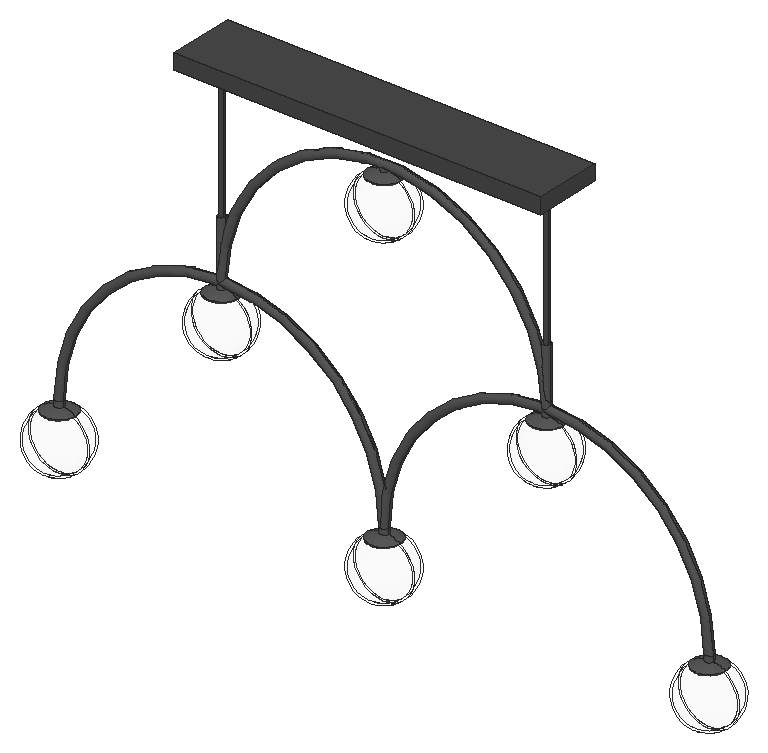
Revit family "CONV_Pholc_GnrlPrpseLmnrs_Bounce116", category Lighting Fixtures, host Ceiling, Revit 2017
Family settings
  Host = Ceiling
  Round Connector Dimension = Use Diameter
  Part Type = Normal
  OmniClass Number = 23.80.70.11
  OmniClass Title = Luminaries for Internal Lighting
  Always vertical = Yes
  Cut with Voids When Loaded = No
  Light Source = No
  Shared = No
  Room Calculation Point = No
Parameters (values of type "Bounce 116 black/opal glass")
  Weight = "3.1 kg"
  Wattage Comments = ""
  WarrantyStartDate = "n/a"
  WarrantyGuarantorParts = "n/a"
  WarrantyGuarantorLabor = "n/a"
  WarrantyDurationUnit = "Year"
  WarrantyDurationParts = "n/a"
  WarrantyDurationLabor = "n/a"
  WarrantyDescription = "n/a"
  VersionDate = "14/05/2019"  # constant formula
  Version = "1"  # constant formula
  UsageCurrent = 0 A
  Uniclass2015Reference = "Pr_70_70_48_86"
  Uniclass2015Description = "Suspended luminaires"
  Uniclass2 = "Pr_70_70_49_86"
  URL = "https://www.pholc.se/our-products/bounce-116/"
  TotalWattage = 120 W
  TagNumber [instance] = "n/a"
  SustainabilityPerformance = "n/a"
  Size = "1160x110x650 mm"
  Shape = "Sculptured"
  SerialNumber [instance] = "n/a"
  Revision = "n/a"
  ReplacementCost = "n/a"
  ProductInformation = "The pattern that Bounce creates is energetic, graphic and bouncy. A positive graphic feeling."
  ProductDatasheet = "https://www.pholc.se/files/pdf/bounce-116.pdf"
  PhaseReference = "n/a"
  PhaseAngle = 0.00°
  NumberOfSources = 6
  NumberOfPoles = 1
  NominalVoltageCalc = 0 V
  NominalVoltage = 220 V
  NominalLength = 1160 mm
  NominalHeight [instance] = CableControl + 670 mm  # 720 mm
  NominalFrequencyRange = 50 Hz
  NominalDepth = 110 mm
  NominalCurrent = 0 A
  Name = "GnrlPrpseLmnrs_Bounce116"
  NBSReference = "90-60-50/405"
  NBSDescription = "General purpose luminaires"
  ModelReference = ArticleNumber  # "514165"
  ModelNumber = "n/a"
  Model = "Bounce 116 black/opal glass"
  Material = "Metal, opal glass & textile"
  ManufacturersSpecificInformation = "n/a"
  ManufacturerURL = "https://www.pholc.se/"
  ManufacturerName = "Pholc"
  Manufacturer = "Pholc"
  MaintenanceFactor = 0
  LightFixtureSecondaryMaterial = Black
  LightFixturePlacingType = "Ceiling"
  LightFixtureMountingType = "Suspended"
  LightFixtureMainMaterial = Black metal
  LensMaterial = Opal glass
  Lamp = ""
  InsulationStandardClass = "Class I"
  InstallationDate = "n/a"
  IfcExportType = "NOTDEFINED"  # constant formula
  IfcExportAs = "IfcLightFixtureType"  # constant formula
  IP_Code = "IP 20"
  HasProtectiveEarth = no
  Grade = "n/a"
  Finish = "n/a"
  Features = "G9 base socket. Suspension mounting. Black textile cable. Black metal ceiling cup."
  ExpectedLife = "n/a"
  ElectricalDeviceNominalPower = 20 W
  DurationUnit = "Year"
  Designer = "Monika Mulder"
  Description = "The pattern that Bounce creates is energetic, graphic and bouncy. A positive graphic feeling. I wanted to create a lamp that gives the room character and at the same time gives light. With that in mind, I created a graphic expression with a focus on the path the electricity is drawn from light spot to light spot. The result is a flat, screen-like luminaire that fits well over oblong tables or counters."
  DefaultElevation = 0 mm
  ConvergoRefNr = "0103-1905-0004-SE"
  Constituents = "n/a"
  Color = "Various"
  Collection = "Bounce"
  built-in parameter 1114216 [instance] = (empty or 0)
  CodePerformance = "n/a"
  Category = "Pendant"
  CableLength [instance] = 10 mm
  CableControl [instance] = if(CableLength < 50 mm, 50 mm, if(CableLength > 3000 mm, 3000 mm, CableLength))  # 50 mm
  Brand = "Pholc"
  Barcode [instance] = "n/a"
  BIMObjectName = "CONV_Pholc_GnrlPrpseLmnrs_Bounce116"
  Author = "Convergo AB"  # constant formula
  AssetType = "Fixed"
  AssetIdentifier [instance] = "n/a"
  ArticleNumber = "514165"
  Apparent Load = 0 VA
  AccessibilityPerformance = "n/a"
Reference planes
  plane 1 "Center (Front/Back)": y = 0
  plane 2: z = 0
  plane 3 "Center (Left/Right)": x = 0
  plane 4 "Ceiling": z = 4000
  plane 5: z = 3950
  plane 6: z = 3280
  plane 7: y = 55
  plane 8: y = -55
  plane 9: x = -580
  plane 10: x = 580
Forms (mm)
  Extrusion 1, solid, material "Black metal" <- "LightFixtureMainMaterial", detail levels coarse
    sketch origin (0, 0, 4000) x (0, 1, 0) y (-1, 0, 0)
      loop
        line (55, 580) -> (-55, 580) -> (-55, -580) -> (55, -580) -> (55, 580)
    from 0 to -720
Dimensions and locks
  equal spacing: host sketch curve, plane 3 "Center (Left/Right)", host sketch curve
  equal spacing: host sketch curve, plane 1 "Center (Front/Back)", host sketch curve
  host sketch curve to host sketch curve = 4000 mm  (x2)
  plane 4 "Ceiling" to host ceiling = 0 mm
  "CableControl": plane 5 to plane 4 "Ceiling"
  "NominalHeight": plane 6 to plane 4 "Ceiling"
  equal spacing: plane 7, plane 1 "Center (Front/Back)", plane 8
  "NominalDepth": plane 7 to plane 8
  equal spacing: plane 9, plane 3 "Center (Left/Right)", plane 10
  "NominalLength": plane 9 to plane 10
  aligned and locked: nested 1 to nested 2  (x2)
  aligned and locked: nested 1 to nested 3  (x2)
  aligned and locked: nested 1 to nested 4
  aligned and locked: nested 4 to nested 1
  aligned and locked: nested 1 to nested 5  (x2)
  aligned and locked: nested 1 to nested 6
  aligned and locked: nested 6 to nested 1
  aligned and locked: nested 1 to nested 7  (x2)
  aligned and locked: nested 4 to plane 1 "Center (Front/Back)"
  aligned and locked: nested 3 to plane 1 "Center (Front/Back)"
  aligned and locked: nested 2 to plane 1 "Center (Front/Back)"
  aligned and locked: nested 6 to plane 1 "Center (Front/Back)"
  aligned and locked: nested 5 to plane 1 "Center (Front/Back)"
  aligned and locked: nested 7 to plane 1 "Center (Front/Back)"
  aligned and locked: nested 1 to plane 5
  aligned and locked: nested 8 to plane 4 "Ceiling"
  aligned and locked: Extrusion 1 sketch curve to nested 1  (x2)
  aligned and locked: plane 9 to Extrusion 1 sketch curve
  aligned and locked: plane 10 to Extrusion 1 sketch curve
  aligned and locked: plane 6 to Extrusion 1
Nested families
  nested 1: "Bounce116" at (0, 0, 3280), Cable <- "LightFixtureSecondaryMaterial", Metal <- "LightFixtureMainMaterial", Glass <- "LensMaterial", type "Bounce116"
    with Metal Black metal, Glass Opal glass, Cable Black
  nested 2: "Bounce_bulb" at (530, 0, 3280), MaterialBulb <- "LensMaterial", MaterialFrame <- "LightFixtureMainMaterial", type "Bounce_bulb", detail levels medium+fine
    with MaterialFrame Black metal, MaterialBulb Opal glass
  nested 3: "Bounce_bulb" at (0, 0, 3280), MaterialBulb <- "LensMaterial", MaterialFrame <- "LightFixtureMainMaterial", type "Bounce_bulb", detail levels medium+fine
    with MaterialFrame Black metal, MaterialBulb Opal glass
  nested 4: "Bounce_bulb" at (-530, 0, 3280), MaterialBulb <- "LensMaterial", MaterialFrame <- "LightFixtureMainMaterial", type "Bounce_bulb", detail levels medium+fine
    with MaterialFrame Black metal, MaterialBulb Opal glass
  nested 5: "Bounce_bulb" at (265, 0, 3545), MaterialBulb <- "LensMaterial", MaterialFrame <- "LightFixtureMainMaterial", type "Bounce_bulb", detail levels medium+fine
    with MaterialFrame Black metal, MaterialBulb Opal glass
  nested 6: "Bounce_bulb" at (-265, 0, 3545), MaterialBulb <- "LensMaterial", MaterialFrame <- "LightFixtureMainMaterial", type "Bounce_bulb", detail levels medium+fine
    with MaterialFrame Black metal, MaterialBulb Opal glass
  nested 7: "Bounce_bulb" at (0, 0, 3810), MaterialBulb <- "LensMaterial", MaterialFrame <- "LightFixtureMainMaterial", type "Bounce_bulb", detail levels medium+fine
    with MaterialFrame Black metal, MaterialBulb Opal glass
  nested 8: "Bounce_ceiling" at (0, 0, 3950), CableLength <- "CableControl", Metal <- "LightFixtureSecondaryMaterial", type "Bounce_ceiling"
    with Metal Black, CableLength 50 mm
Connectors
  electrical at (0, 0, 4000), driven by "NominalVoltage"
    settings: on nested 8, index 1, voltage 220 V, apparent load 0 VA, apparent load phase1 0 VA, apparent load phase2 0 VA, apparent load phase3 0 VA, power factor 1, load classification "Other", number of poles 1, system type 31, power factor state 1, is connector primary yes, connector utility no, sub classification motor no, connector description ""
Definition of nested family "Bounce116"
  Parameters (values of type "Bounce116")
    Metal [instance] = none
    Glass [instance] = none
    Cable [instance] = none
  Reference planes
    plane 1 "Center (Front/Back)": y = 0
    plane 2: z = 0
    plane 3 "Center (Left/Right)": x = 0
    plane 4: z = 2569.231
    plane 5: y = 55
    plane 6: y = -55
    plane 7: z = 670
    plane 8: x = -530
    plane 9: z = 92.689
    plane 10: x = -265
    plane 11: z = 357.689
    plane 12: x = 0
    plane 13: z = 622.689
    plane 14: x = 530
    plane 15: x = 265
    plane 16: x = 0
  Forms (mm)
    Sweep 1, solid, material <- "Metal", detail levels medium+fine
      path origin (0, 0, 0) x (1, 0, 0) y (0, 0, 1)
        loop
          line (-530, 100.3) -> (-530, 110)
          arc (-530, 110) -> (-265, 375) -> (0, 110) r 265
          line (0, 110) -> (0, 100.3)
      profile origin (-530, 0, 105.15) x (-1, 0, 0) y (0, -1, 0)
        loop
          circle (0, 0) r 6.547
    Sweep 2, solid, material <- "Metal", detail levels medium+fine
      path origin (-265, 0, 265) x (-1, 0, 0) y (0, 0, 1)
        loop
          line (-530, 100.3) -> (-530, 110)
          arc (-530, 110) -> (-265, 375) -> (0, 110) r 265
          line (0, 110) -> (0, 100.3)
      profile origin (265, 0, 370.15) x (-1, 0, 0) y (0, -1, 0)
        loop
          circle (0, 0) r 6.547
    Sweep 3, solid, material <- "Metal", detail levels medium+fine
      path origin (0, 0, 0) x (-1, 0, 0) y (0, 0, 1)
        loop
          line (-530, 100.3) -> (-530, 110)
          arc (-530, 110) -> (-265, 375) -> (0, 110) r 265
          line (0, 110) -> (0, 100.3)
      profile origin (530, 0, 105.15) x (-1, 0, 0) y (0, -1, 0)
        loop
          circle (0, 0) r 6.547
    Extrusion 4, solid, material <- "Metal", detail levels medium+fine
      sketch origin (0, 0, 0) x (1, 0, 0) y (0, 1, 0)
        loop
          circle (-265, 0) r 6.3
        loop
          circle (265, 0) r 6.3
      from 470 to 365.3
    Extrusion 5, solid, material <- "Cable", detail levels medium+fine
      sketch origin (0, 0, 470) x (1, 0, 0) y (0, 1, 0)
        loop
          circle (265, 0) r 3.529
        loop
          circle (-265, 0) r 3.529
      from 0 to 200
    Revolve 6, solid, material <- "Metal", detail levels medium+fine
      sketch origin (0, 0, 0) x (1, 0, 0) y (0, 0, 1)
        loop
          line (-530, 99.993) -> (-530, 100.993)
          arc (-530, 100.993) -> (-543.777, 99.095) -> (-556.528, 93.543) r 50.957
          line (-556.528, 93.543) -> (-556.007, 92.689)
          arc (-556.007, 92.689) -> (-543.506, 98.132) -> (-530, 99.993) r 49.957
        axis (-530, 100.993) -> (-530, 92.689)
      angle from 0 to 360
    Revolve 7, solid, material <- "Metal", detail levels medium+fine
      sketch origin (530, 0, 0) x (1, 0, 0) y (0, 0, 1)
        loop
          line (-530, 99.993) -> (-530, 100.993)
          arc (-530, 100.993) -> (-543.777, 99.095) -> (-556.528, 93.543) r 50.957
          line (-556.528, 93.543) -> (-556.007, 92.689)
          arc (-556.007, 92.689) -> (-543.506, 98.132) -> (-530, 99.993) r 49.957
        axis (-530, 100.993) -> (-530, 92.689)
      angle from 0 to 360
    Revolve 8, solid, material <- "Metal", detail levels medium+fine
      sketch origin (-265, 0, 265) x (-1, 0, 0) y (0, 0, 1)
        loop
          line (-530, 99.993) -> (-530, 100.993)
          arc (-530, 100.993) -> (-543.777, 99.095) -> (-556.528, 93.543) r 50.957
          line (-556.528, 93.543) -> (-556.007, 92.689)
          arc (-556.007, 92.689) -> (-543.506, 98.132) -> (-530, 99.993) r 49.957
        axis (-530, 100.993) -> (-530, 92.689)
      angle from 0 to 360
    Revolve 9, solid, material <- "Metal", detail levels medium+fine
      sketch origin (265, 0, 265) x (1, 0, 0) y (0, 0, 1)
        loop
          line (-530, 99.993) -> (-530, 100.993)
          arc (-530, 100.993) -> (-543.777, 99.095) -> (-556.528, 93.543) r 50.957
          line (-556.528, 93.543) -> (-556.007, 92.689)
          arc (-556.007, 92.689) -> (-543.506, 98.132) -> (-530, 99.993) r 49.957
        axis (-530, 100.993) -> (-530, 92.689)
      angle from 0 to 360
    Revolve 10, solid, material <- "Metal", detail levels medium+fine
      sketch origin (-530, 0, 530) x (-1, 0, 0) y (0, 0, 1)
        loop
          line (-530, 99.993) -> (-530, 100.993)
          arc (-530, 100.993) -> (-543.777, 99.095) -> (-556.528, 93.543) r 50.957
          line (-556.528, 93.543) -> (-556.007, 92.689)
          arc (-556.007, 92.689) -> (-543.506, 98.132) -> (-530, 99.993) r 49.957
        axis (-530, 100.993) -> (-530, 92.689)
      angle from 0 to 360
    Sweep 11, solid, material <- "Metal", detail levels medium+fine
      path origin (0, 0, 0) x (1, 0, 0) y (0, 0, 1)
        loop
          line (0, 639.119) -> (0, 625.513)
      profile origin (0, 0, 632.316) x (0, -1, 0) y (1, 0, 0)
        loop
          circle (0, 0) r 6.3
    Revolve 12, solid, material <- "Metal", detail levels medium+fine
      sketch origin (0, 0, 0) x (-1, 0, 0) y (0, 0, 1)
        loop
          line (-530, 99.993) -> (-530, 100.993)
          arc (-530, 100.993) -> (-543.777, 99.095) -> (-556.528, 93.543) r 50.957
          line (-556.528, 93.543) -> (-556.007, 92.689)
          arc (-556.007, 92.689) -> (-543.506, 98.132) -> (-530, 99.993) r 49.957
        axis (-530, 100.993) -> (-530, 92.689)
      angle from 0 to 360
  Cuts and joins
    joined: Sweep 1, Sweep 2, Sweep 3, Extrusion 4, Revolve 6, Revolve 7, Revolve 8, Revolve 9, Revolve 10, Sweep 11, Revolve 12
  Lines and regions (mm)
    symbolic lines, detail levels medium+fine
      curve 1: arc (-556.007, 0, 92.689) -> (-530, 0, 0) -> (-503.993, 0, 92.689) r 49.993
      curve 2: line (-556.007, 0, 92.689) -> (-556.527, 0, 93.543)
      curve 3: line (-503.993, 0, 92.689) -> (-503.473, 0, 93.543)
      curve 4: arc (-556.527, 0, 93.543) -> (-546.906, 0, 98.106) -> (-536.547, 0, 100.57) r 50.956
      curve 6: arc (-523.453, 0, 100.57) -> (-513.094, 0, 98.106) -> (-503.473, 0, 93.543) r 50.956
      curve 7: line (-536.547, 0, 100.57) -> (-536.547, 0, 110.037)
      curve 8: line (-523.453, 0, 100.57) -> (-523.453, 0, 110.037)
      curve 11: arc (-26.007, 0, 92.689) -> (0, 0, 0) -> (26.007, 0, 92.689) r 49.993
      curve 12: line (-26.007, 0, 92.689) -> (-26.527, 0, 93.543)
      curve 13: line (26.007, 0, 92.689) -> (26.527, 0, 93.543)
      curve 14: arc (-26.527, 0, 93.543) -> (-16.906, 0, 98.106) -> (-6.547, 0, 100.57) r 50.956
      curve 16: arc (6.547, 0, 100.57) -> (16.906, 0, 98.106) -> (26.527, 0, 93.543) r 50.956
      curve 17: line (-6.547, 0, 100.57) -> (-6.547, 0, 110.037)
      curve 18: line (6.547, 0, 100.57) -> (6.547, 0, 110.037)
      curve 21: arc (503.993, 0, 92.689) -> (530, 0, 0) -> (556.007, 0, 92.689) r 49.993
      curve 22: line (503.993, 0, 92.689) -> (503.473, 0, 93.543)
      curve 23: line (556.007, 0, 92.689) -> (556.527, 0, 93.543)
      curve 24: arc (503.473, 0, 93.543) -> (513.094, 0, 98.106) -> (523.453, 0, 100.57) r 50.956
      curve 26: arc (536.547, 0, 100.57) -> (546.906, 0, 98.106) -> (556.527, 0, 93.543) r 50.956
      curve 27: line (523.453, 0, 100.57) -> (523.453, 0, 110.039)
      curve 28: line (536.547, 0, 100.57) -> (536.547, 0, 110.039)
      curve 31: arc (238.993, 0, 357.689) -> (265, 0, 265) -> (291.007, 0, 357.689) r 49.993
      curve 32: line (238.993, 0, 357.689) -> (238.473, 0, 358.543)
      curve 33: line (291.007, 0, 357.689) -> (291.527, 0, 358.543)
      curve 34: arc (238.473, 0, 358.543) -> (248.094, 0, 363.106) -> (258.453, 0, 365.57) r 50.956
      curve 36: arc (271.547, 0, 365.57) -> (281.906, 0, 363.106) -> (291.527, 0, 358.543) r 50.956
      curve 37: line (258.453, 0, 365.57) -> (258.453, 0, 368.407)
      curve 38: line (271.547, 0, 365.57) -> (271.547, 0, 368.407)
      curve 41: arc (-238.993, 0, 357.689) -> (-265, 0, 265) -> (-291.007, 0, 357.689) r 49.993
      curve 42: line (-238.993, 0, 357.689) -> (-238.473, 0, 358.543)
      curve 43: line (-291.007, 0, 357.689) -> (-291.527, 0, 358.543)
      curve 44: arc (-238.473, 0, 358.543) -> (-248.094, 0, 363.106) -> (-258.453, 0, 365.57) r 50.956
      curve 46: arc (-271.547, 0, 365.57) -> (-281.906, 0, 363.106) -> (-291.527, 0, 358.543) r 50.956
      curve 47: line (-258.453, 0, 365.57) -> (-258.453, 0, 368.407)
      curve 48: line (-271.547, 0, 365.57) -> (-271.547, 0, 368.407)
      curve 61: arc (-536.547, 0, 110.037) -> (-459.297, 0, 299.737) -> (-271.5, 0, 381.506) r 271.547
      curve 62: arc (-523.453, 0, 110.037) -> (-450.054, 0, 290.461) -> (-271.547, 0, 368.407) r 258.453
      curve 63: arc (536.547, 0, 110.039) -> (459.297, 0, 299.738) -> (271.5, 0, 381.506) r 271.547
      curve 64: arc (523.453, 0, 110.039) -> (450.053, 0, 290.462) -> (271.547, 0, 368.407) r 258.453
      curve 67: line (-271.5, 0, 470) -> (-271.5, 0, 381.506)
      curve 69: line (-268.529, 0, 670) -> (-268.529, 0, 470)
      curve 71: line (-271.5, 0, 470) -> (-268.529, 0, 470)
      curve 74: arc (-258.453, 0, 368.407) -> (-79.946, 0, 290.461) -> (-6.547, 0, 110.037) r 258.453
      curve 77: arc (258.453, 0, 368.407) -> (79.946, 0, 290.461) -> (6.547, 0, 110.037) r 258.453
      curve 78: line (271.5, 0, 470) -> (271.5, 0, 381.506)
      curve 80: line (268.529, 0, 670) -> (268.529, 0, 470)
      curve 82: line (271.5, 0, 470) -> (268.529, 0, 470)
      curve 85: arc (0, 26.031, 92.689) -> (0, 0, 0) -> (0, -26.031, 92.689) r 50
      curve 86: line (0, 26.031, 92.689) -> (0, 26.552, 93.543)
      curve 87: line (0, -26.031, 92.689) -> (0, -26.552, 93.543)
      curve 88: arc (0, 26.552, 93.543) -> (0, 16.947, 98.102) -> (0, 6.606, 100.57) r 51
      curve 90: arc (0, -6.606, 100.57) -> (0, -16.947, 98.102) -> (0, -26.552, 93.543) r 51
      curve 91: line (0, 6.606, 100.57) -> (0, 6.606, 265.438)
      curve 92: arc (0, 26.031, 357.689) -> (0, 48.927, 304.697) -> (0, 6.606, 265.438) r 50
      curve 93: line (0, 26.031, 357.689) -> (0, 26.552, 358.543)
      curve 94: line (0, -26.031, 357.689) -> (0, -26.552, 358.543)
      curve 95: arc (0, 26.552, 358.543) -> (0, 16.947, 363.102) -> (0, 6.606, 365.57) r 51
      curve 96: arc (0, -6.606, 365.57) -> (0, -16.947, 363.102) -> (0, -26.552, 358.543) r 51
      curve 97: arc (0, 26.031, 622.689) -> (0, 48.927, 569.697) -> (0, 6.606, 530.438) r 50
      curve 98: line (0, 26.031, 622.689) -> (0, 26.552, 623.543)
      curve 99: line (0, -26.031, 622.689) -> (0, -26.552, 623.543)
      curve 100: arc (0, 26.552, 623.543) -> (0, 16.947, 628.102) -> (0, 6.606, 630.57) r 51
      curve 101: arc (0, -6.606, 630.57) -> (0, -16.947, 628.102) -> (0, -26.552, 623.543) r 51
      curve 102: line (0, 6.606, 365.57) -> (0, 6.606, 530.438)
      curve 103: line (0, -6.606, 365.57) -> (0, -6.606, 530.438)
      curve 104: arc (0, -6.606, 265.438) -> (0, -48.927, 304.697) -> (0, -26.031, 357.689) r 50
      curve 105: line (0, -6.606, 100.57) -> (0, -6.606, 265.438)
      curve 106: arc (0, -6.606, 530.438) -> (0, -48.927, 569.697) -> (0, -26.031, 622.689) r 50
      curve 119: arc (0, 6.606, 639.972) -> (0, 5.786, 643.16) -> (0, 3.529, 645.556) r 6.606
      curve 122: arc (0, -3.529, 645.556) -> (0, -5.786, 643.16) -> (0, -6.606, 639.972) r 6.606
      curve 127: line (0, 6.606, 630.57) -> (0, 6.606, 639.972)
      curve 128: line (0, -6.606, 630.57) -> (0, -6.606, 639.972)
      curve 129: line (0, 3.529, 645.556) -> (0, 3.529, 670)
      curve 130: line (0, -3.529, 645.556) -> (0, -3.529, 670)
      curve 131: arc (-480.43, 6.547, 0) -> (-580, 0, 0) -> (-480.43, -6.547, 0) r 50
      curve 132: arc (480.43, 6.547, 0) -> (580, 0, 0) -> (480.43, -6.547, 0) r 50
      curve 133: line (-480.43, 6.547, 0) -> (-314.57, 6.547, 0)
      curve 134: line (-480.43, -6.547, 0) -> (-314.57, -6.547, 0)
      curve 136: line (-300, 55, 0) -> (-300, 35.707, 0)
      curve 137: line (-300, -55, 0) -> (300, -55, 0)
      curve 138: line (300, 55, 0) -> (-300, 55, 0)
      curve 139: line (300, 55, 0) -> (300, 35.707, 0)
      curve 140: line (-300, -55, 0) -> (-300, -35.707, 0)
      curve 146: arc (314.57, -6.547, 0) -> (309.728, -22.348, 0) -> (300, -35.707, 0) r 50
      curve 147: line (480.43, 6.547, 0) -> (314.57, 6.547, 0)
      curve 148: line (480.43, -6.547, 0) -> (314.57, -6.547, 0)
      curve 149: line (300, -35.707, 0) -> (300, -55, 0)
      curve 152: arc (300, 35.707, 0) -> (309.728, 22.348, 0) -> (314.57, 6.547, 0) r 50
      curve 154: arc (-300, 35.707, 0) -> (-309.728, 22.348, 0) -> (-314.57, 6.547, 0) r 50
      curve 157: arc (-300, -35.707, 0) -> (-309.728, -22.348, 0) -> (-314.57, -6.547, 0) r 50
    symbolic lines, detail levels fine
      curve 5: line (-536.547, 0, 100.57) -> (-523.453, 0, 100.57)
      curve 9: line (-556.007, 0, 92.689) -> (-503.993, 0, 92.689)
      curve 10: line (-503.473, 0, 93.543) -> (-556.527, 0, 93.543)
      curve 15: line (-6.547, 0, 100.57) -> (6.547, 0, 100.57)
      curve 19: line (-26.007, 0, 92.689) -> (26.007, 0, 92.689)
      curve 20: line (26.527, 0, 93.543) -> (-26.527, 0, 93.543)
      curve 25: line (523.453, 0, 100.57) -> (536.547, 0, 100.57)
      curve 29: line (503.993, 0, 92.689) -> (556.007, 0, 92.689)
      curve 30: line (556.527, 0, 93.543) -> (503.473, 0, 93.543)
      curve 35: line (258.453, 0, 365.57) -> (271.547, 0, 365.57)
      curve 39: line (238.993, 0, 357.689) -> (291.007, 0, 357.689)
      curve 40: line (291.527, 0, 358.543) -> (238.473, 0, 358.543)
      curve 45: line (-258.453, 0, 365.57) -> (-271.547, 0, 365.57)
      curve 49: line (-238.993, 0, 357.689) -> (-291.007, 0, 357.689)
      curve 50: line (-291.527, 0, 358.543) -> (-238.473, 0, 358.543)
      curve 51: arc (26.007, 0, 622.689) -> (0, 0, 530) -> (-26.007, 0, 622.689) r 49.993
      curve 52: line (26.007, 0, 622.689) -> (26.527, 0, 623.543)
      curve 53: line (-26.007, 0, 622.689) -> (-26.527, 0, 623.543)
      curve 54: arc (26.527, 0, 623.543) -> (16.906, 0, 628.106) -> (6.547, 0, 630.57) r 50.956
      curve 55: line (6.547, 0, 630.57) -> (-6.547, 0, 630.57)
      curve 56: arc (-6.547, 0, 630.57) -> (-16.906, 0, 628.106) -> (-26.527, 0, 623.543) r 50.956
      curve 57: line (6.547, 0, 630.57) -> (6.547, 0, 633.407)
      curve 58: line (-6.547, 0, 630.57) -> (-6.547, 0, 633.407)
      curve 59: line (26.007, 0, 622.689) -> (-26.007, 0, 622.689)
      curve 60: line (-26.527, 0, 623.543) -> (26.527, 0, 623.543)
      curve 65: arc (271.47, 0, 381.507) -> (267.745, 0, 420.318) -> (258.5, 0, 458.196) r 271.547
      curve 66: arc (258.372, 0, 381.503) -> (0, 0, 633.49) -> (-258.372, 0, 381.503) r 258.453
      curve 68: line (-258.5, 0, 470) -> (-258.5, 0, 458.197)
      curve 70: line (-261.471, 0, 670) -> (-261.471, 0, 470)
      curve 72: line (-261.471, 0, 470) -> (-258.5, 0, 470)
      curve 73: arc (-258.5, 0, 458.197) -> (-267.745, 0, 420.319) -> (-271.47, 0, 381.507) r 271.547
      curve 75: arc (-258.372, 0, 381.503) -> (-92.656, 0, 319.883) -> (0, 0, 169.306) r 271.547
      curve 76: arc (258.372, 0, 381.503) -> (92.656, 0, 319.883) -> (0, 0, 169.306) r 271.547
      curve 79: line (258.5, 0, 470) -> (258.5, 0, 458.196)
      curve 81: line (261.471, 0, 670) -> (261.471, 0, 470)
      curve 83: line (261.471, 0, 470) -> (258.5, 0, 470)
      curve 84: arc (258.5, 0, 458.196) -> (0, 0, 646.584) -> (-258.5, 0, 458.197) r 271.547
      curve 89: line (0, 6.606, 100.57) -> (0, -6.606, 100.57)
      curve 107: line (0, 6.606, 265.438) -> (0, 6.606, 365.57)
      curve 108: line (0, -6.606, 265.438) -> (0, -6.606, 365.57)
      curve 109: line (0, 26.031, 92.689) -> (0, -26.031, 92.689)
      curve 110: line (0, -26.552, 93.543) -> (0, 26.552, 93.543)
      curve 111: line (0, 26.031, 357.689) -> (0, 6.606, 357.689)
      curve 112: line (0, 26.552, 358.543) -> (0, 6.606, 358.543)
      curve 113: line (0, -26.031, 357.689) -> (0, -6.606, 357.689)
      curve 114: line (0, -26.552, 358.543) -> (0, -6.606, 358.543)
      curve 115: arc (0, 6.606, 374.972) -> (0, 0, 381.578) -> (0, -6.606, 374.972) r 6.606
      curve 116: line (0, 6.606, 470) -> (0, -6.606, 470)
      curve 117: line (0, 3.529, 470) -> (0, 3.529, 645.556)
      curve 118: line (0, -3.529, 470) -> (0, -3.529, 645.556)
      curve 120: line (0, 6.606, 530.438) -> (0, 6.606, 630.57)
      curve 121: line (0, -6.606, 530.438) -> (0, -6.606, 630.57)
      curve 123: line (0, 26.031, 622.689) -> (0, 6.606, 622.689)
      curve 124: line (0, 26.552, 623.543) -> (0, 6.606, 623.543)
      curve 125: line (0, -26.031, 622.689) -> (0, -6.606, 622.689)
      curve 126: line (0, -26.552, 623.543) -> (0, -6.606, 623.543)
      curve 135: arc (-300, -35.707, 0) -> (-215, 0, 0) -> (-300, 35.707, 0) r 50
      curve 141: line (-215.43, 6.547, 0) -> (-49.57, 6.547, 0)
      curve 142: line (-215.43, -6.547, 0) -> (-49.57, -6.547, 0)
      curve 143: circle (0, 0, 0) r 50 normal (0, 0, 1)
      curve 144: line (215.43, 6.547, 0) -> (49.57, 6.547, 0)
      curve 145: line (215.43, -6.547, 0) -> (49.57, -6.547, 0)
      curve 150: arc (314.57, 6.547, 0) -> (315, 0, 0) -> (314.57, -6.547, 0) r 50
      curve 151: arc (480.43, -6.547, 0) -> (480, 0, 0) -> (480.43, 6.547, 0) r 50
      curve 153: arc (300, -35.707, 0) -> (215, 0, 0) -> (300, 35.707, 0) r 50
      curve 155: arc (-480.43, -6.547, 0) -> (-480, 0, 0) -> (-480.43, 6.547, 0) r 50
      curve 156: arc (-314.57, 6.547, 0) -> (-315, 0, 0) -> (-314.57, -6.547, 0) r 50
      curve 158: line (-268.529, 0, 470) -> (-261.471, 0, 470)
      curve 159: line (261.471, 0, 470) -> (268.529, 0, 470)
  Dimensions and locks
    aligned and locked: level to plane 2
Definition of nested family "Bounce_bulb"
  Parameters (values of type "Bounce_bulb")
    Wattage = 20 W
    built-in parameter 1150110 = 1 (stored number, unit not read)
    built-in parameter 1114217 = 1 (stored number, unit not read)
    built-in parameter 1150109 = 1 (stored number, unit not read)
    built-in parameter 1150134 = (empty or 0)
    built-in parameter 1150113 = 1 (stored number, unit not read)
    MaterialFrame [instance] = none
    MaterialBulb [instance] = none
    Lumens = 2970.84 lm
    built-in parameter 1150115 = 1 (stored number, unit not read)
    built-in parameter 1150105 = 236.41 (stored number, unit not read)
    Light Source Symbol Size = 300 mm
    built-in parameter 1150137 = (empty or 0)
    built-in parameter 1150139 = (empty or 0)
    built-in parameter 1150112 = 1 (stored number, unit not read)
    built-in parameter 1150114 = 1 (stored number, unit not read)
    built-in parameter 1150132 = (empty or 0)
    built-in parameter 1150102 = (empty or 0)
    built-in parameter 1150138 = (empty or 0)
    built-in parameter 1150107 = 3000 (stored number, unit not read)
    built-in parameter 1150106 = 2.3641 (stored number, unit not read)
    built-in parameter 1150104 = 13.8 (stored number, unit not read)
    Dimming Lamp Color Temperature Shift = (empty or 0)
    Color Filter = 16777215
    built-in parameter 1114218 = 1 (stored number, unit not read)
    built-in parameter 1150133 = 10 (stored number, unit not read)
  Reference planes
    plane 1 "Light Source Axis (F/B)": y = 0
    plane 2: z = 0
    plane 3 "Light Source Axis (L/R)": x = 0
    plane 4 "Light Source Elevation": z = 50
    plane 5: z = 92.689
  Forms (mm)
    Revolve 1, solid, material <- "MaterialBulb"
      sketch origin (0, 0, 0) x (1, 0, 0) y (0, 0, 1)
        loop
          line (0, 100) -> (0, 97)
          arc (0, 97) -> (47, 50) -> (0, 3) r 47
          line (0, 3) -> (0, 0)
          arc (0, 0) -> (50, 50) -> (0, 100) r 50
        axis (0, 100) -> (0, 0)
      angle from 0 to 360
  Dimensions and locks
    aligned and locked: plane 3 "Light Source Axis (L/R)" to imposter light
    aligned and locked: plane 1 "Light Source Axis (F/B)" to imposter light
    aligned and locked: plane 4 "Light Source Elevation" to imposter light
    aligned and locked: level to plane 2
Definition of nested family "Bounce_ceiling"
  Parameters (values of type "Bounce_ceiling")
    Metal [instance] = none
    CableLength [instance] = 130 mm
  Reference planes
    plane 1 "Center (Front/Back)": y = 0
    plane 2: z = 0
    plane 3 "Center (Left/Right)": x = 0
    plane 4: z = 130
    plane 5: z = 105
  Forms (mm)
    Extrusion 1, solid, material <- "Metal", detail levels medium+fine
      sketch origin (0, 0, 130) x (1, 0, 0) y (0, 1, 0)
        loop
          line (-300, 55) -> (-300, -55) -> (300, -55) -> (300, 55) -> (-300, 55)
      from 0 to -25
    Extrusion 2, solid, material <- "Metal", detail levels medium+fine
      sketch origin (0, 0, 0) x (1, 0, 0) y (0, 1, 0)
        loop
          circle (-265, 0) r 3.529
        loop
          circle (265, 0) r 3.529
      from 0 to 130
  Cuts and joins
    joined: Extrusion 1, Extrusion 2
  Lines and regions (mm)
    symbolic lines, detail levels medium+fine
      curve 1: line (-300, 0, 130) -> (-300, 0, 105)
      curve 2: line (-300, 0, 130) -> (300, 0, 130)
      curve 3: line (300, 0, 130) -> (300, 0, 105)
      curve 4: line (300, 0, 105) -> (268.529, 0, 105)
      curve 5: line (-300, 0, 105) -> (-268.529, 0, 105)
      curve 7: line (268.529, 0, 0) -> (268.529, 0, 105)
      curve 10: line (-268.529, 0, 105) -> (-268.529, 0, 0)
      curve 11: line (0, 55, 130) -> (0, 55, 105)
      curve 12: line (0, 55, 130) -> (0, -55, 130)
      curve 13: line (0, -55, 130) -> (0, -55, 105)
      curve 14: line (0, -55, 105) -> (0, -3.529, 105)
      curve 15: line (0, 3.529, 105) -> (0, 55, 105)
      curve 16: line (0, 3.529, 105) -> (0, 3.529, 0)
      curve 17: line (0, -3.529, 0) -> (0, -3.529, 105)
    symbolic lines, detail levels fine
      curve 6: line (-268.529, 0, 105) -> (268.529, 0, 105)
      curve 8: line (261.471, 0, 0) -> (261.471, 0, 105)
      curve 9: line (-261.471, 0, 0) -> (-261.471, 0, 105)
      curve 18: line (0, 3.529, 105) -> (0, -3.529, 105)
  Dimensions and locks
    "CableLength": plane 4 to level
    locked: plane 4 to plane 5 at 25
    aligned and locked: level to plane 2
    aligned and locked: cut or joined group of Extrusion 1, Extrusion 2 to plane 4  (x2)
    aligned and locked: plane 5 to cut or joined group of Extrusion 1, Extrusion 2
    aligned and locked: plane 5 to curve 18
    aligned and locked: curve 14 to plane 5
    aligned and locked: plane 4 to curve 2
    aligned and locked: plane 4 to cut or joined group of Extrusion 1, Extrusion 2
    aligned and locked: plane 5 to curve 5
    aligned and locked: cut or joined group of Extrusion 1, Extrusion 2 to plane 5  (x2)
    aligned and locked: plane 5 to curve 6
    aligned and locked: curve 4 to plane 5
  Automatic sketch dimensions
    plane 1 "Center (Front/Back)" to Extrusion 2 sketch curve = 0 mm  (x2)
    Extrusion 2 sketch curve to plane 3 "Center (Left/Right)" = 265 mm
    plane 3 "Center (Left/Right)" to Extrusion 2 sketch curve = 265 mm
    Extrusion 1 sketch curve to Extrusion 1 sketch curve = 600 mm
    Extrusion 1 sketch curve to Extrusion 1 sketch curve = 110 mm
    curve 10 to level = 0 mm
    curve 9 to level = 0 mm
    curve 8 to level = 0 mm
    curve 7 to level = 0 mm
    curve 1 to plane 3 "Center (Left/Right)" = 300 mm
    curve 1 to curve 5 = 31.471 mm
    plane 3 "Center (Left/Right)" to curve 7 = 268.529 mm
    curve 4 to curve 4 = 31.471 mm
    curve 10 to curve 9 = 7.058 mm
    curve 8 to curve 7 = 7.058 mm
    plane 4 to curve 13 = 0 mm
    curve 17 to level = 0 mm
    curve 16 to level = 0 mm
    plane 1 "Center (Front/Back)" to curve 14 = 55 mm
    plane 1 "Center (Front/Back)" to curve 17 = 3.529 mm
    curve 15 to plane 1 "Center (Front/Back)" = 3.529 mm
    curve 12 to plane 1 "Center (Front/Back)" = 55 mm
    radius of Extrusion 2 sketch curve = 3.529 mm  (x2)
